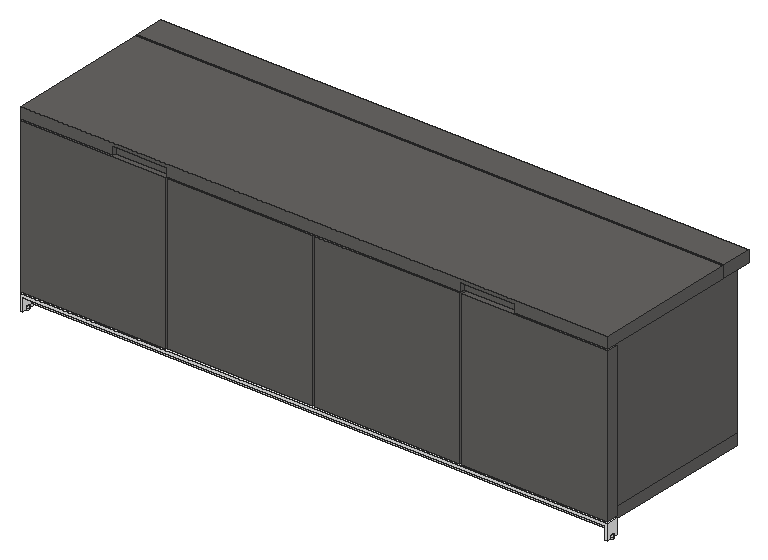
Revit family "Storage-Credenza-Teknion-ZXLD_Low_All_Doors-R2011", category Furniture Systems, Revit 2013
Parameters (values of type "(See Type Catalog)")
  Width = 80"
  Warranty = "http://www.teknionstudio.com/pdfs/Teknion%20Studio%20Warranty.pdf"
  Unit Weight = 0.00 lbf
  Unit Finish [instance] = Veneer - Teknion - P7 - Grey Oak
  URL = "www.teknionstudio.com"
  Wire Cutout Offset = if(Has Wire Management, 0", 4")  # 0"
  Low Emitting Material = yes
  Low Emitting Finish = yes
  Door Cutout Offset = if(Width = 60", 4", if(Width = 80", 0", 4"))  # 0"
  Series = "B&B Italia"
  Product Page URL = "http://www.teknionstudio.com/acexecutive/"
  Product Line = "AC Executive"
  Product Documentation Link = "http://www.teknionstudio.com/pricing/ac_executive_ppg.pdf"
  Part Number = "ZXLD"
  Model = ""
  Manufacturer Phone = "919-464-2920"
  Manufacturer Fax = "919-464-2927"
  Manufacturer Email = "customersupport@teknionstudio.com"
  Manufacturer Address = "3940 US 70 Business HWY West, Clayton, NC 27520"
  Manufacturer = "Teknion Studio"  # constant formula
  Height = 24.961"
  Has Wire Management = yes
  Description = ""
  Depth = 24"
  Assembly Code = "E2020200"
Reference planes (in)
  plane 1 "Center F/B": y = 0
  plane 2: z = 0
  plane 3 "Center L/R": x = 0
  plane 4 "Unit Left": x = -38.4252
  plane 5 "Right Aux": x = 38.4252
  plane 6 "Back": y = 12
  plane 7 "Front": y = -12
  plane 8 "Top": z = 24.961
  plane 9: x = -20
  plane 10: x = 20
  plane 11: z = 2.1289
  plane 12 "Foot Centerline": y = -11.2126
  plane 13 "Elevation": z = 12.77526
  plane 14: z = 23.42163
  plane 15 "Left": x = -40
  plane 16 "Right": x = 40
  plane 17: x = -13.33333
  plane 18: x = 13.33333
  plane 19: x = -40
  plane 20: x = 40
  plane 21: x = -40
  plane 22: x = 40
  plane 23: x = -40
  plane 24: x = 40
  plane 25: y = -12
  plane 26: z = 24.961
  plane 27: x = -20
  plane 28: x = -20
  plane 29: x = 20
  plane 30: x = 20
Forms (in)
  Sweep 1, solid, material "Metal - Teknion - C6 - Chrome"
    path origin (0, -12, 0) x (1, 0, 0) y (0, 0, 1)
      loop
        line (40, 0.05803) -> (40, 2.1289) -> (-40, 2.1289) -> (-40, 0.05803)
    profile origin (0, -12, 2.1289) x (0, 0, -1) y (0, -1, 0)
      loop
        line (0, 0) -> (0, -1.5748) -> (0.394, -1.5748) -> (0.394, 0) -> (0, 0)
  Sweep 2, solid, material "Metal - Teknion - C6 - Chrome"
    path origin (0, -12, 0) x (1, 0, 0) y (0, 0, 1)
      loop
        line (-40, 2.1289) -> (40, 2.1289)
    profile origin (0, -12, 2.1289) x (0, 0, 1) y (0, -1, 0)
      loop
        line (-0.394, -1.5748) -> (-0.394, -1.3778) -> (-1.575, -1.3778) -> (-1.575, -1.5748) -> (-0.394, -1.5748)
  Revolve 3, solid, material "Metal - Teknion - C6 - Chrome"
    sketch origin (0, -11.2126, 0) x (0, 0, -1) y (1, 0, 0)
      loop
        line (-0.4911, 39.4687) -> (-0.45173, 39.42933) -> (-0.28492, 39.42933) -> (-0.24555, 39.4687) -> (-0.20618, 39.42933) -> (-0.03937, 39.42933) -> (0, 39.4687) -> (0, 39.80335) -> (-0.4911, 39.80335) -> (-0.4911, 39.4687)
      axis (0, 39.80335) -> (-0.4911, 39.80335)
    angle from 0 to 360
  Revolve 4, solid, material "Metal - Teknion - C6 - Chrome"
    sketch origin (0, -11.2126, 0) x (0, 0, -1) y (1, 0, 0)
      loop
        line (0, -40.138) -> (0, -39.80335) -> (-0.4911, -39.80335) -> (-0.4911, -40.138) -> (-0.45173, -40.17737) -> (-0.28492, -40.17737) -> (-0.24555, -40.138) -> (-0.20618, -40.17737) -> (-0.03937, -40.17737) -> (0, -40.138)
      axis (0, -39.80335) -> (-0.4911, -39.80335)
    angle from 0 to 360
  Sweep 5, solid, material "Veneer - Teknion - P7 - Grey Oak" <- "Unit Finish"
    path origin (0, 0, 15.40683) x (-1, 0, 0) y (0, -1, 0)
      loop
        line (0, -12) -> (0, 12)
    profile origin (0, 0, 15.40683) x (1, 0, 0) y (0, 0, 1)
      loop
        line (-40, 9.55417) -> (-40, 8.0148) -> (40, 8.0148) -> (40, 9.55417) -> (-40, 9.55417)
  Sweep 6, solid, material "Veneer - Teknion - P7 - Grey Oak" <- "Unit Finish"
    path origin (0, -12, 0) x (1, 0, 0) y (0, 0, 1)
      loop
        line (-38.4252, 2.1289) -> (38.4252, 2.1289)
    profile origin (0, -12, 2.1289) x (0, 0, 1) y (0, -1, 0)
      loop
        line (0, -1.5748) -> (-1.53937, -1.5748) -> (-1.53937, -24) -> (0, -24) -> (0, -1.5748)
  Sweep 7, solid, material "Veneer - Teknion - P7 - Grey Oak" <- "Unit Finish"
    path origin (0, 0, 15.40683) x (-1, 0, 0) y (0, -1, 0)
      loop
        line (38.4252, 0) -> (-38.4252, 0)
    profile origin (0, 0, 15.40683) x (0, 1, 0) y (0, 0, 1)
      loop
        line (7.61024, 7.6207) -> (7.61024, 8.0148) -> (-10.32283, 8.0148) -> (-10.32283, -13.27793) -> (12, -13.27793) -> (12, 7.6207) -> (7.61024, 7.6207)
  Sweep 8, solid, material "Veneer - Teknion - P7 - Grey Oak" <- "Unit Finish"
    path origin (0, -12, 0) x (1, 0, 0) y (0, 0, 1)
      loop
        line (0, 23.17163) -> (0, 2.3789)
    profile origin (0, -12, 12.77526) x (0, -1, 0) y (1, 0, 0)
      loop
        line (-1.5394, -40) -> (0, -40) -> (0, 40) -> (-1.5394, 40) -> (-1.5394, -40)
  Sweep 9, void
    path origin (0, 0, 0) x (0, 1, 0) y (0, 0, 1)
      loop
        line (-12, 23.42163) -> (-11.5276, 23.42163)
    profile origin (0, -11.7638, 23.42163) x (0, 0, 1) y (1, 0, 0)
      loop
        line (0, -27.42263) -> (1.1, -27.42263) -> (1.1, -20) -> (0, -20) -> (0, -27.42263)
  Sweep 10, void
    path origin (0, -9, 0) x (0, 1, 0) y (0, 0, 1)
      loop
        line (-3, 23.42163) -> (-1.4606, 23.42163)
    profile origin (0, -11.2303, 23.42163) x (0, 0, 1) y (1, 0, 0)
      loop
        line (-21.29273, -20.125) -> (0, -20.125) -> (0, -19.875) -> (-21.29273, -19.875) -> (-21.29273, -20.125)
  Sweep 11, void
    path origin (0, 12, 0) x (-1, 0, 0) y (0, 0, 1)
      loop
        line (40, 24.961) -> (-40, 24.961)
    profile origin (0, 12, 24.961) x (0, 0, -1) y (0, 1, 0)
      loop
        line (1.53937, -4.38976) -> (1.53937, -4.13976) -> (0, -4.13976) -> (0, -4.38976) -> (1.53937, -4.38976)
  Sweep 12, void
    path origin (0, 0, 0) x (0, 1, 0) y (0, 0, 1)
      loop
        line (-12, 23.42163) -> (-11.5276, 23.42163)
    profile origin (0, -11.7638, 23.42163) x (0, 0, 1) y (1, 0, 0)
      loop
        line (0, 27.42262) -> (0, 20) -> (1.1, 20) -> (1.1, 27.42262) -> (0, 27.42262)
  Sweep 13, void
    path origin (20, -9, 0) x (0, 1, 0) y (0, 0, 1)
      loop
        line (-3, 23.42163) -> (-1.4606, 23.42163)
    profile origin (20, -11.2303, 23.42163) x (0, 0, 1) y (1, 0, 0)
      loop
        line (-21.29273, -0.125) -> (0, -0.125) -> (0, 0.125) -> (-21.29273, 0.125) -> (-21.29273, -0.125)
  Sweep 14, void
    path origin (0, 0, 0) x (0, 1, 0) y (0, 0, 1)
      loop
        line (-12, 23.42163) -> (-10.4606, 23.42163)
    profile origin (0, -11.2303, 23.42163) x (0, 0, 1) y (1, 0, 0)
      loop
        line (-21.29273, -0.125) -> (0, -0.125) -> (0, 0.125) -> (-21.29273, 0.125) -> (-21.29273, -0.125)
Cuts and joins
  Sweep 14 cuts Sweep 1
  Sweep 14 cuts Sweep 2
  Sweep 14 cuts Revolve 4
  joined: Sweep 1, Sweep 2, Revolve 3, Revolve 4
  Sweep 9, Sweep 10, Sweep 11, Sweep 12, Sweep 14 cuts Sweep 5
  Sweep 10, Sweep 13, Sweep 14 cuts Sweep 8
Lines and regions (in)
  Masking region 1
    outline origin (0, 0, 15.40683) x (-1, 0, 0) y (0, -1, 0)
      loop
        line (40, -12) -> (40, 12) -> (-40, 12) -> (-40, -12) -> (40, -12)
  symbolic lines, visible <- "Has Wire Management"
    curve 1: line (-40.0002, 7.61024, 15.40683) -> (40.0002, 7.61024, 15.40683)
  symbolic lines
    curve 2: arc (-20.125, -12, 15.40683) -> (-25.94625, -26.05375, 15.40683) -> (-40, -31.875, 15.40683) r 19.875
    curve 3: arc (20.125, -12, 15.40683) -> (25.94625, -26.05375, 15.40683) -> (40, -31.875, 15.40683) r 19.875
  symbolic lines, style "Elevation Swing"
    curve 4: line (-40, -12, 12.77526) -> (-20.125, -12, 23.17163)
    curve 5: line (-40, -12, 12.77526) -> (-20.125, -12, 2.3789)
    curve 6: line (20.125, -12, 23.17163) -> (40, -12, 12.77526)
    curve 7: line (40, -12, 12.77526) -> (20.125, -12, 2.3789)
  symbolic lines, style "FurnitureSystems"
    curve 8: line (-40, -12, 15.40683) -> (-40, -31.875, 15.40683)
    curve 9: line (40, -12, 15.40683) -> (40, -31.875, 15.40683)
Dimensions and locks (in)
  equal spacing: plane 6 "Back", plane 1 "Center F/B", plane 7 "Front"
  "Depth": plane 6 "Back" to plane 7 "Front"
  locked: plane 15 "Left" to plane 4 "Unit Left" at 1.5748
  locked: plane 5 "Right Aux" to plane 16 "Right" at 1.5748
  "Height": plane 8 "Top" to plane 2
  locked: Sweep 1 sketch curve to level at 0.05803  (x2)
  locked: plane 7 "Front" to Sweep 1 sketch curve at 1.5748
  locked: plane 11 to plane 2 at 2.1289
  locked: plane 11 to Sweep 1 sketch curve at 0.394
  plane 11 to Sweep 2 sketch curve to Sweep 2 sketch curve = 0.394" locked, 1.181" locked
  plane 7 "Front" to Sweep 2 sketch curve to Sweep 2 sketch curve = 1.3778" locked, 0.197" locked
  locked: plane 8 "Top" to Sweep 5 sketch curve at 1.53937
  locked: plane 11 to Sweep 6 sketch curve at 1.53937
  locked: plane 7 "Front" to Sweep 6 sketch curve at 1.5748
  locked: plane 8 "Top" to Sweep 7 sketch curve at 1.53937
  locked: plane 8 "Top" to Sweep 7 sketch curve at 1.93347
  locked: Sweep 7 sketch curve to plane 7 "Front" at 1.67717
  locked: plane 8 "Top" to plane 14 at 1.53937
  equal spacing: plane 14, plane 13 "Elevation", plane 11
  equal spacing: plane 15 "Left", plane 3 "Center L/R", plane 16 "Right"
  locked: Sweep 8 sketch curve to plane 7 "Front" at 1.5394
  locked: Sweep 8 sketch curve to plane 11 at 0.25
  locked: plane 14 to Sweep 8 sketch curve at 0.25
  locked: plane 7 "Front" to plane 12 "Foot Centerline" at 0.7874
  locked: plane 4 "Unit Left" to Revolve 4 sketch curve at 1.37815
  locked: Revolve 4 sketch curve to Revolve 4 sketch curve at 0.37402
  Revolve 4 sketch curve to Revolve 4 sketch curve to Revolve 4 sketch curve to plane 2 = 0.07874" locked, 0.16681" locked, 0.03937" locked
  Revolve 4 sketch curve to Revolve 4 sketch curve to Revolve 4 sketch curve to Revolve 4 sketch curve = 0.03937" locked, 0.16681" locked, 0.03937" locked
  locked: Revolve 3 sketch curve to plane 5 "Right Aux" at 1.37815
  locked: Revolve 3 sketch curve to Revolve 3 sketch curve at 0.37402
  Revolve 3 sketch curve to Revolve 3 sketch curve to Revolve 3 sketch curve to Revolve 3 sketch curve to plane 2 = 0.03937" locked, 0.16681" locked, 0.07874" locked, 0.20618" locked
  "Door Cutout Offset": plane 7 "Front" to plane 25
  locked: Sweep 9 sketch curve to plane 7 "Front" at 0.4724
  locked: Sweep 9 sketch curve to plane 14 at 1.1
  "Wire Cutout Offset": plane 26 to plane 8 "Top"
  locked: Sweep 11 sketch curve to Sweep 11 sketch curve at 0.25
  locked: plane 26 to Sweep 11 sketch curve at 1.53937
  locked: plane 6 "Back" to Sweep 11 sketch curve at 4.13976
  "Width": plane 15 "Left" to plane 16 "Right"
  equal spacing: plane 20, plane 3 "Center L/R", plane 19
  "Width": plane 20 to plane 19
  equal spacing: plane 15 "Left", plane 9, plane 3 "Center L/R"
  equal spacing: plane 3 "Center L/R", plane 10, plane 16 "Right"
  equal spacing: plane 22, plane 3 "Center L/R", plane 21
  "Width": plane 22 to plane 21
  equal spacing: plane 24, plane 3 "Center L/R", plane 23
  "Width": plane 24 to plane 23
  equal spacing: plane 15 "Left", plane 17, plane 18, plane 16 "Right"
  locked: plane 15 "Left" to plane 27 at 20
  locked: Sweep 9 sketch curve to plane 27 at 7.42262
  locked: Sweep 10 sketch curve to plane 7 "Front" at 1.5394
  Sweep 10 sketch curve to plane 28 to Sweep 10 sketch curve = 1/8" locked, 1/8" locked
  locked: Sweep 12 sketch curve to plane 7 "Front" at 0.4724
  locked: Sweep 12 sketch curve to Sweep 12 sketch curve at 7.42262
  locked: Sweep 12 sketch curve to plane 14 at 1.1
  locked: plane 29 to plane 16 "Right" at 20
  locked: plane 28 to plane 15 "Left" at 20
  Sweep 13 sketch curve to plane 30 to Sweep 13 sketch curve = 1/8" locked, 1/8" locked
  locked: plane 16 "Right" to plane 30 at 20
  locked: Sweep 14 sketch curve to plane 25 at 1.5394
  Sweep 14 sketch curve to plane 3 "Center L/R" to Sweep 14 sketch curve = 1/8" locked, 1/8" locked
  locked: Sweep 13 sketch curve to plane 7 "Front" at 1.5394
  aligned and locked: level to plane 2
  aligned and locked: Sweep 1 sketch curve to plane 7 "Front"
  aligned and locked: plane 11 to Sweep 1 sketch curve
  aligned and locked: Sweep 1 sketch curve to plane 11
  aligned and locked: Sweep 2 sketch curve to plane 11
  aligned and locked: plane 6 "Back" to Sweep 5 sketch curve
  aligned and locked: plane 7 "Front" to Sweep 5 sketch curve
  aligned and locked: Sweep 5 sketch curve to plane 3 "Center L/R"
  aligned and locked: Sweep 5 sketch curve to plane 8 "Top"
  aligned and locked: Sweep 6 sketch curve to plane 11  (x2)
  aligned and locked: Sweep 6 sketch curve to plane 6 "Back"
  aligned and locked: plane 1 "Center F/B" to Sweep 7 sketch curve
  aligned and locked: plane 6 "Back" to Sweep 7 sketch curve
  aligned and locked: plane 11 to Sweep 7 sketch curve
  aligned and locked: plane 4 "Unit Left" to Sweep 7 sketch curve
  aligned and locked: plane 5 "Right Aux" to Sweep 7 sketch curve
  aligned and locked: Sweep 8 sketch curve to plane 3 "Center L/R"
  aligned and locked: plane 7 "Front" to Sweep 8 sketch curve
  aligned and locked: plane 4 "Unit Left" to Sweep 6 sketch curve
  aligned and locked: plane 5 "Right Aux" to Sweep 6 sketch curve
  aligned and locked: Sweep 1 sketch curve to plane 21
  aligned and locked: plane 22 to Sweep 1 sketch curve
  aligned and locked: plane 23 to Sweep 2 sketch curve
  aligned and locked: plane 24 to Sweep 2 sketch curve
  aligned and locked: Revolve 3 sketch curve to Revolve 3 sketch curve  (x2)
  aligned and locked: Revolve 3 sketch curve to plane 2
  aligned and locked: Revolve 4 sketch curve to Revolve 4 sketch curve  (x2)
  aligned and locked: Revolve 4 sketch curve to plane 2
  aligned and locked: plane 14 to Sweep 9 sketch curve
  aligned and locked: Sweep 9 sketch curve to plane 14
  aligned and locked: plane 14 to Sweep 10 sketch curve  (x2)
  aligned and locked: Sweep 11 sketch curve to plane 26  (x2)
  aligned and locked: curve 1 to cut or joined group of Sweep 5, Sweep 9, Sweep 10, Sweep 11, Sweep 12, Sweep 14
  aligned and locked: plane 19 to Sweep 5 sketch curve
  aligned and locked: Sweep 5 sketch curve to plane 20
  aligned and locked: plane 15 "Left" to Sweep 11 sketch curve
  aligned and locked: plane 16 "Right" to Sweep 11 sketch curve
  aligned and locked: plane 15 "Left" to Sweep 8 sketch curve
  aligned and locked: Sweep 8 sketch curve to plane 16 "Right"
  aligned and locked: Sweep 10 sketch curve to plane 11
  aligned and locked: Sweep 9 sketch curve to plane 27
  aligned and locked: plane 14 to Sweep 12 sketch curve  (x2)
  aligned and locked: Sweep 12 sketch curve to plane 29
  aligned and locked: plane 14 to Sweep 13 sketch curve
  aligned and locked: plane 14 to Sweep 14 sketch curve  (x2)
  aligned and locked: Sweep 14 sketch curve to plane 11
  aligned and locked: plane 7 "Front" to Sweep 9 sketch curve
  aligned and locked: plane 7 "Front" to Sweep 12 sketch curve
  aligned and locked: plane 7 "Front" to Sweep 10 sketch curve
  aligned and locked: plane 25 to Sweep 14 sketch curve
  aligned and locked: plane 7 "Front" to Sweep 13 sketch curve
  aligned and locked: plane 16 "Right" to Masking region 1 sketch curve
  aligned and locked: plane 15 "Left" to Masking region 1 sketch curve
  aligned and locked: Masking region 1 sketch curve to plane 6 "Back"
  aligned and locked: Masking region 1 sketch curve to plane 7 "Front"
  aligned and locked: curve 8 to plane 15 "Left"
  aligned and locked: cut or joined group of Sweep 8, Sweep 10, Sweep 13, Sweep 14 to curve 2
  aligned and locked: plane 7 "Front" to curve 2
  aligned and locked: plane 16 "Right" to curve 9
  aligned and locked: curve 3 to cut or joined group of Sweep 8, Sweep 10, Sweep 13, Sweep 14
  aligned and locked: plane 7 "Front" to curve 3
  aligned and locked: plane 13 "Elevation" to curve 5
  aligned and locked: plane 15 "Left" to curve 5
  aligned and locked: cut or joined group of Sweep 8, Sweep 10, Sweep 13, Sweep 14 to curve 4
  aligned and locked: curve 5 to cut or joined group of Sweep 8, Sweep 10, Sweep 13, Sweep 14
  aligned and locked: plane 16 "Right" to curve 7
  aligned and locked: curve 7 to cut or joined group of Sweep 8, Sweep 10, Sweep 13, Sweep 14
  aligned and locked: curve 6 to cut or joined group of Sweep 8, Sweep 10, Sweep 13, Sweep 14
Automatic sketch dimensions
  Revolve 3 sketch curve to Revolve 3 sketch curve = 0.15736"
  Revolve 3 sketch curve to Revolve 3 sketch curve = 0.03937"  (x3)
  level to Revolve 3 sketch curve = 0.03937"
  Revolve 3 sketch curve to level = 0.10154"
  Revolve 4 sketch curve to Revolve 4 sketch curve = 0.2589"
  Revolve 4 sketch curve to level = 0.42419"
  Revolve 4 sketch curve to Revolve 4 sketch curve = 0.03937"  (x2)
  Sweep 7 sketch curve to Sweep 7 sketch curve = 4.38976"
  Sweep 13 sketch curve to profile plane = 0"
  profile plane to Sweep 13 sketch curve = 21.29273"
  plane 7 "Front" to curve 8 = 0"
  curve 1 to plane 16 "Right" = 0.0002"
  curve 1 to plane 15 "Left" = 0.0002"
  curve 7 to plane 13 "Elevation" = 0"
  plane 11 to curve 5 = 1/4"
  plane 11 to curve 7 = 1/4"
  curve 6 to plane 14 = 1/4"
  curve 4 to plane 14 = 1/4"
  plane 7 "Front" to curve 9 = 0"
